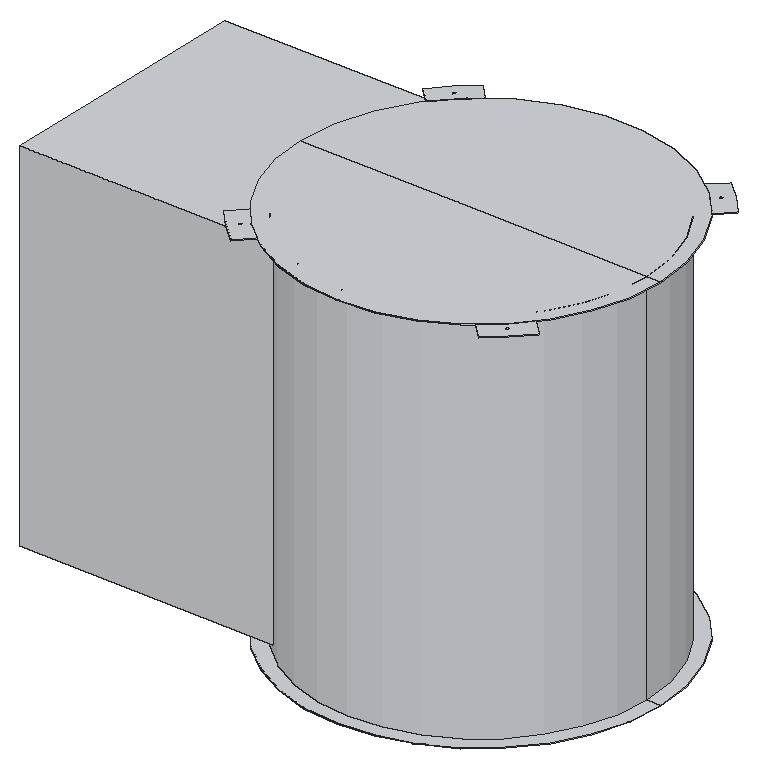
Revit family "VAHB_Downblast_Ceiling_Mount", category Mechanical Equipment, Revit 2019
Family settings
  Round Connector Dimension = Use Radius
  Part Type = Normal
  Work Plane-Based = No
  Always vertical = Yes
  Cut with Voids When Loaded = No
  Shared = No
  Room Calculation Point = No
Parameters (values of type "60_VAHB_DOWNBLAST_CEILING")
  Unit Weight [instance] = ""
  ModelID [instance] = ""
  L/2 = L / 2  # 2' - 0 7/32"
  J/2 = J / 2  # 2' - 10 1/4"
  J-A = J - A  # 0' - 8 1/2"
  J = 5' - 8 1/2"
  K/2 = K / 2  # 0' - 0 7/32"
  K = 0' - 0 7/16"
  L-(C/2) = L - (C / 2)  # 1' - 4 13/16"
  L = 4' - 0 7/16"
  H-(A/2) = H - (A / 2)  # 2' - 11"
  H+L = H + L  # 9' - 5 7/16"
  H = 5' - 5"
  Sones [instance] = ""
  Motor RPM [instance] = ""
  Motor Enclosure [instance] = ""
  LwA [instance] = ""
  G = 16' - 0"
  Fan RPM [instance] = ""
  F/2 = F / 2  # 0' - 0 9/32"
  F = 0' - 0 9/16"
  E/2 = E / 2  # 2' - 10 1/2"
  E-2" = E - 0' 2"  # 5' - 7"
  E-.125" = E - 0' 0 1/8"  # 5' - 8 7/8"
  E = 5' - 9"
  C/2+L = C / 2 + L  # 6' - 8 1/16"
  C/2 = C / 2  # 2' - 7 5/8"
  C = 5' - 3 1/4"
  B/2 = B / 2  # 2' - 8 23/32"
  B = 5' - 5 7/16"
  Accessories [instance] = ""
  A/3 = A / 2.5  # 2' - 0"
  A/2 = A / 2  # 2' - 6"
  A = 5' - 0"
  60 = 60.00°  # constant formula
  45 = 45.00°
  30 = 30.00°  # constant formula
  3" = 0' - 3"  # constant formula
  Brake Hp [instance] = ""
  4" = 0' - 4"  # constant formula
  2' = 2' - 0"
  2" = 0' - 2"  # constant formula
  1" = 0' - 1"  # constant formula
  0 = 0' - 0"  # constant formula
  Voltage [instance] = 0 V
  URL = "www.lorencook.com"
  Type Comments = "Fixed Pitch Vane Axial Downblast Ceiling Mount Belt Drive Arrangement 9"  # constant formula
  Static Pressure [instance] = 0.00 in-wg
  Power [instance] = Voltage * Motor FLA * sqrt(if(Phase = 3, 3, 1))  # 0 VA
  Phase [instance] = 0
  Number of Poles [instance] = 1
  Motor Hp [instance] = "0"
  Motor FLA [instance] = 0 A
  Model = "VAHB"  # constant formula
  Manufacturer = "Loren Cook Company"
  CFM [instance] = 0 CFM
  1.5 = 0' - 1 1/2"  # constant formula
  ONE EIGTH = 0' - 0 1/8"  # constant formula
  -E/2 = -E / 2  # -2' - 10 1/2"
  -(E-.25")/2 = -(E - 0' 0 1/4") / 2  # -2' - 10 3/8"
  (L/2)-1" = (L / 2) - 0' 1"  # 1' - 11 7/32"
  (J-A)/2 = (J - A) / 2  # 0' - 4 1/4"
  (J+(J-A))/2 = (J + (J / 2 - A / 2)) / 2  # 3' - 0 3/8"
  (H-(A/2))/2 = (H - (A / 2)) / 2  # 1' - 5 1/2"
  (E-.25")/2 = (E - 0' 0 1/4") / 2  # 2' - 10 3/8"
  (A+.25")/2 = (A + 0' 0 1/4") / 2  # 2' - 6 1/8"
Types (12): name | L/2 | J/2 | J-A | J | K/2 | K | L-(C/2) | L | H-(A/2) | H+L | H | G | F/2 | F | E/2 | E-2" | E-.125" | E | C/2+L | C/2 | C | B/2 | B | A/3 | A/2 | A | -E/2 | -(E-.25")/2 | (L/2)-1" | (J-A)/2 | (J+(J-A))/2 | (H-(A/2))/2 | (E-.25")/2 | (A+.25")/2
  (no name) | 2' - 0 7/32" | 2' - 10 1/4" | 0' - 8 1/2" | 5' - 8 1/2" | 0' - 0 7/32" | 0' - 0 7/16" | 1' - 4 13/16" | 4' - 0 7/16" | 2' - 11" | 9' - 5 7/16" | 5' - 5" | 16' - 0" | 0' - 0 9/32" | 0' - 0 9/16" | 2' - 10 1/2" | 5' - 7" | 5' - 8 7/8" | 5' - 9" | 6' - 8 1/16" | 2' - 7 5/8" | 5' - 3 1/4" | 2' - 8 23/32" | 5' - 5 7/16" | 2' - 0" | 2' - 6" | 5' - 0" | -2' - 10 1/2" | -2' - 10 3/8" | 1' - 11 7/32" | 0' - 4 1/4" | 3' - 0 3/8" | 1' - 5 1/2" | 2' - 10 3/8" | 2' - 6 1/8"
  12_VAHB_DOWNBLAST_CEILING | 0' - 6 3/32" | 0' - 8 5/8" | 0' - 5 1/4" | 1' - 5 1/4" | 0' - 0 3/16" | 0' - 0 3/8" | 0' - 5 1/2" | 1' - 0 3/16" | 1' - 3" | 2' - 9 3/16" | 1' - 9" | 6' - 0" | 0' - 0 5/32" | 0' - 0 5/16" | 0' - 10" | 1' - 6" | 1' - 7 7/8" | 1' - 8" | 1' - 6 7/8" | 0' - 6 11/16" | 1' - 1 3/8" | 0' - 7 3/8" | 1' - 2 3/4" | 0' - 4.8" | 0' - 6" | 1' - 0" | -0' - 10" | -0' - 9 7/8" | 0' - 5 3/32" | 0' - 2 5/8" | 0' - 9 15/16" | 0' - 7 1/2" | 0' - 9 7/8" | 0' - 6 1/8"
  14_VAHB_DOWNBLAST_CEILING | 0' - 6 13/16" | 0' - 9 5/8" | 0' - 5 1/4" | 1' - 7 1/4" | 0' - 0 3/16" | 0' - 0 3/8" | 0' - 5 7/8" | 1' - 1 5/8" | 1' - 5" | 3' - 1 5/8" | 2' - 0" | 6' - 0" | 0' - 0 5/32" | 0' - 0 5/16" | 0' - 11 1/2" | 1' - 9" | 1' - 10 7/8" | 1' - 11" | 1' - 9 3/8" | 0' - 7 3/4" | 1' - 3 1/2" | 0' - 8 3/8" | 1' - 4 3/4" | 0' - 5.6" | 0' - 7" | 1' - 2" | -0' - 11 1/2" | -0' - 11 3/8" | 0' - 5 13/16" | 0' - 2 5/8" | 0' - 10 15/16" | 0' - 8 1/2" | 0' - 11 3/8" | 0' - 7 1/8"
  18_VAHB_DOWNBLAST_CEILING | 0' - 8 7/32" | 0' - 11 5/8" | 0' - 5 1/4" | 1' - 11 1/4" | 0' - 0 3/16" | 0' - 0 3/8" | 0' - 6 9/16" | 1' - 4 7/16" | 1' - 6 1/4" | 3' - 7 11/16" | 2' - 3 1/4" | 12' - 0" | 0' - 0 7/32" | 0' - 0 7/16" | 1' - 2 1/2" | 2' - 3" | 2' - 4 7/8" | 2' - 5" | 2' - 2 5/16" | 0' - 9 7/8" | 1' - 7 3/4" | 0' - 10 5/8" | 1' - 9 1/4" | 0' - 7.2" | 0' - 9" | 1' - 6" | -1' - 2 1/2" | -1' - 2 3/8" | 0' - 7 7/32" | 0' - 2 5/8" | 1' - 0 15/16" | 0' - 9 1/8" | 1' - 2 3/8" | 0' - 9 1/8"
  21_VAHB_DOWNBLAST_CEILING | 0' - 9 9/32" | 1' - 1 1/8" | 0' - 5 1/4" | 2' - 2 1/4" | 0' - 0 3/16" | 0' - 0 3/8" | 0' - 7 3/16" | 1' - 6 9/16" | 1' - 9" | 4' - 2 1/16" | 2' - 7 1/2" | 12' - 0" | 0' - 0 7/32" | 0' - 0 7/16" | 1' - 3 1/2" | 2' - 5" | 2' - 6 7/8" | 2' - 7" | 2' - 5 15/16" | 0' - 11 3/8" | 1' - 10 3/4" | 1' - 0 1/8" | 2' - 0 1/4" | 0' - 8.4" | 0' - 10 1/2" | 1' - 9" | -1' - 3 1/2" | -1' - 3 3/8" | 0' - 8 9/32" | 0' - 2 5/8" | 1' - 2 7/16" | 0' - 10 1/2" | 1' - 3 3/8" | 0' - 10 5/8"
  26_VAHB_DOWNBLAST_CEILING | 0' - 11 3/32" | 1' - 3 11/16" | 0' - 5 3/8" | 2' - 7 3/8" | 0' - 0 3/16" | 0' - 0 3/8" | 0' - 8 3/16" | 1' - 10 3/16" | 1' - 9 1/2" | 4' - 8 11/16" | 2' - 10 1/2" | 12' - 0" | 0' - 0 7/32" | 0' - 0 7/16" | 1' - 4" | 2' - 6" | 2' - 7 7/8" | 2' - 8" | 3' - 0 3/16" | 1' - 2" | 2' - 4" | 1' - 3 5/32" | 2' - 6 5/16" | 0' - 10.4" | 1' - 1" | 2' - 2" | -1' - 4" | -1' - 3 7/8" | 0' - 10 3/32" | 0' - 2 11/16" | 1' - 5 1/32" | 0' - 10 3/4" | 1' - 3 7/8" | 1' - 1 1/8"
  29_VAHB_DOWNBLAST_CEILING | 1' - 0 1/2" | 1' - 5 11/16" | 0' - 6 3/8" | 2' - 11 3/8" | 0' - 0 7/32" | 0' - 0 7/16" | 0' - 9 1/2" | 2' - 1" | 2' - 2" | 5' - 5 1/2" | 3' - 4 1/2" | 12' - 0" | 0' - 0 7/32" | 0' - 0 7/16" | 1' - 6" | 2' - 10" | 2' - 11 7/8" | 3' - 0" | 3' - 4 1/2" | 1' - 3 1/2" | 2' - 7" | 1' - 4 21/32" | 2' - 9 5/16" | 0' - 11.6" | 1' - 2 1/2" | 2' - 5" | -1' - 6" | -1' - 5 7/8" | 0' - 11 1/2" | 0' - 3 3/16" | 1' - 7 9/32" | 1' - 1" | 1' - 5 7/8" | 1' - 2 5/8"
  36_VAHB_DOWNBLAST_CEILING | 1' - 3 11/32" | 1' - 9 11/16" | 0' - 7 3/8" | 3' - 7 3/8" | 0' - 0 7/32" | 0' - 0 7/16" | 0' - 11 11/16" | 2' - 6 11/16" | 2' - 3 1/2" | 6' - 4 3/16" | 3' - 9 1/2" | 16' - 0" | 0' - 0 9/32" | 0' - 0 9/16" | 1' - 9" | 3' - 4" | 3' - 5 7/8" | 3' - 6" | 4' - 1 11/16" | 1' - 7" | 3' - 2" | 1' - 8 5/32" | 3' - 4 5/16" | 1' - 2.4" | 1' - 6" | 3' - 0" | -1' - 9" | -1' - 8 7/8" | 1' - 2 11/32" | 0' - 3 11/16" | 1' - 11 17/32" | 1' - 1 3/4" | 1' - 8 7/8" | 1' - 6 1/8"
  42_VAHB_DOWNBLAST_CEILING | 1' - 5 3/32" | 2' - 0 3/16" | 0' - 6 3/8" | 4' - 0 3/8" | 0' - 0 7/32" | 0' - 0 7/16" | 1' - 0" | 2' - 10 3/16" | 2' - 5 1/2" | 7' - 0 11/16" | 4' - 2 1/2" | 16' - 0" | 0' - 0 9/32" | 0' - 0 9/16" | 2' - 1" | 4' - 0" | 4' - 1 7/8" | 4' - 2" | 4' - 8 3/8" | 1' - 10 3/16" | 3' - 8 3/8" | 1' - 10 21/32" | 3' - 9 5/16" | 1' - 4.8" | 1' - 9" | 3' - 6" | -2' - 1" | -2' - 0 7/8" | 1' - 4 3/32" | 0' - 3 3/16" | 2' - 1 25/32" | 1' - 2 3/4" | 2' - 0 7/8" | 1' - 9 1/8"
  48_VAHB_DOWNBLAST_CEILING | 1' - 7 15/16" | 2' - 4 3/16" | 0' - 8 3/8" | 4' - 8 3/8" | 0' - 0 7/32" | 0' - 0 7/16" | 1' - 2 5/8" | 3' - 3 7/8" | 2' - 6" | 7' - 9 7/8" | 4' - 6" | 16' - 0" | 0' - 0 9/32" | 0' - 0 9/16" | 2' - 4" | 4' - 6" | 4' - 7 7/8" | 4' - 8" | 5' - 5 1/8" | 2' - 1 1/4" | 4' - 2 1/2" | 2' - 2 19/32" | 4' - 5 3/16" | 1' - 7.2" | 2' - 0" | 4' - 0" | -2' - 4" | -2' - 3 7/8" | 1' - 6 15/16" | 0' - 4 3/16" | 2' - 6 9/32" | 1' - 3" | 2' - 3 7/8" | 2' - 0 1/8"
  54_VAHB_DOWNBLAST_CEILING | 1' - 10 3/32" | 2' - 7 1/4" | 0' - 8 1/2" | 5' - 2 1/2" | 0' - 0 7/32" | 0' - 0 7/16" | 1' - 3 15/16" | 3' - 8 3/16" | 2' - 8 1/2" | 8' - 7 11/16" | 4' - 11 1/2" | 16' - 0" | 0' - 0 9/32" | 0' - 0 9/16" | 2' - 7" | 5' - 0" | 5' - 1 7/8" | 5' - 2" | 6' - 0 7/16" | 2' - 4 1/4" | 4' - 8 1/2" | 2' - 5 23/32" | 4' - 11 7/16" | 1' - 9.6" | 2' - 3" | 4' - 6" | -2' - 7" | -2' - 6 7/8" | 1' - 9 3/32" | 0' - 4 1/4" | 2' - 9 3/8" | 1' - 4 1/4" | 2' - 6 7/8" | 2' - 3 1/8"
  60_VAHB_DOWNBLAST_CEILING | 2' - 0 7/32" | 2' - 10 1/4" | 0' - 8 1/2" | 5' - 8 1/2" | 0' - 0 7/32" | 0' - 0 7/16" | 1' - 4 13/16" | 4' - 0 7/16" | 2' - 11" | 9' - 5 7/16" | 5' - 5" | 16' - 0" | 0' - 0 9/32" | 0' - 0 9/16" | 2' - 10 1/2" | 5' - 7" | 5' - 8 7/8" | 5' - 9" | 6' - 8 1/16" | 2' - 7 5/8" | 5' - 3 1/4" | 2' - 8 23/32" | 5' - 5 7/16" | 2' - 0" | 2' - 6" | 5' - 0" | -2' - 10 1/2" | -2' - 10 3/8" | 1' - 11 7/32" | 0' - 4 1/4" | 3' - 0 3/8" | 1' - 5 1/2" | 2' - 10 3/8" | 2' - 6 1/8"
Reference planes (in)
  plane 1 "Center (Front/Back)": y = 0
  plane 2: z = 0
  plane 3 "Center (Left/Right)": x = 0.40541
Forms (in)
  Revolve 1, solid
    sketch origin (0, 0, 0) x (1, 0, 0) y (0, 0, 1)
      loop
        line (0.40541, 0) -> (33.12416, 0) -> (33.12416, 0.125) -> (30.53041, 0.125) -> (30.53041, 68.875) -> (33.12416, 68.875) -> (33.12416, 69) -> (0.40541, 69) -> (0.40541, 0)
      axis (0.40541, 69) -> (0.40541, 0)
    angle from 0 to 360
  Extrusion 2, solid
    sketch origin (0, 0, 0) x (1, 0, 0) y (0, 1, 0)
      loop
        line (-18.78847, 23.21875) -> (-64.59459, 23.21875) -> (-64.59459, -23.21875) -> (-18.78847, -23.21875)
        arc (-18.78847, -23.21875) -> (-29.71959, 0) -> (-18.78847, 23.21875) r 30.125
    from 2 to 67 <- "E-2""
  Extrusion 3, solid
    sketch origin (0, 0, 0) x (1, 0, 0) y (0, 1, 0)
      loop
        line (-19.52902, 25.94484) -> (-22.13423, 28.55005)
        arc (-22.13423, 28.55005) -> (-25.3156, 25.72101) -> (-28.14464, 22.53964) r 36.375
        line (-28.14464, 22.53964) -> (-25.53943, 19.93444)
        arc (-25.53943, 19.93444) -> (-22.73024, 23.13565) -> (-19.52902, 25.94484) r 32.71875
      loop
        arc (20.33985, 25.94484) -> (23.54106, 23.13565) -> (26.35026, 19.93444) r 32.71875
        line (26.35026, 19.93444) -> (28.95546, 22.53964)
        arc (28.95546, 22.53964) -> (26.12642, 25.72101) -> (22.94505, 28.55005) r 36.375
        line (22.94505, 28.55005) -> (20.33985, 25.94484)
      loop
        line (20.33985, -25.94484) -> (22.94505, -28.55005)
        arc (22.94505, -28.55005) -> (26.12642, -25.72101) -> (28.95546, -22.53964) r 36.375
        line (28.95546, -22.53964) -> (26.35026, -19.93444)
        arc (26.35026, -19.93444) -> (23.54106, -23.13565) -> (20.33985, -25.94484) r 32.71875
      loop
        arc (-19.52902, -25.94484) -> (-22.73024, -23.13565) -> (-25.53943, -19.93444) r 32.71875
        line (-25.53943, -19.93444) -> (-28.14464, -22.53964)
        arc (-28.14464, -22.53964) -> (-25.3156, -25.72101) -> (-22.13423, -28.55005) r 36.375
        line (-22.13423, -28.55005) -> (-19.52902, -25.94484)
    from 68.875 <- "E-.125"" to 69 <- "E"
  Extrusion 4, void
    sketch origin (0, 0, 0) x (1, 0, 0) y (0, 1, 0)
      loop
        circle (24.62416, 24.21875) r 0.21875
      loop
        circle (-23.81334, 24.21875) r 0.21875
      loop
        circle (-23.81334, -24.21875) r 0.21875
      loop
        circle (24.62416, -24.21875) r 0.21875
    from 0 to 69 <- "E"
Cuts and joins
  Extrusion 4 cuts Revolve 1
  Extrusion 4 cuts Extrusion 2
  Extrusion 4 cuts Extrusion 3
Dimensions and locks (in)
  "0": Revolve 1 sketch curve to plane 3 "Center (Left/Right)"  (x2)
  "E": Revolve 1 sketch curve to Revolve 1 sketch curve
  "0": Revolve 1 sketch curve to level
  "ONE EIGTH": Revolve 1 sketch curve to Revolve 1 sketch curve  (x2)
  "(A+.25")/2": Revolve 1 sketch curve to Revolve 1 sketch curve
  "B/2": Revolve 1 sketch curve to Revolve 1 sketch curve  (x2)
  "(L/2)-1"": plane 1 "Center (Front/Back)" to Extrusion 2 sketch curve
  "(L/2)-1"": Extrusion 2 sketch curve to plane 1 "Center (Front/Back)"
  "H": Extrusion 2 sketch curve to plane 3 "Center (Left/Right)"
  "0": Extrusion 2 sketch curve to plane 3 "Center (Left/Right)"
  "0": Extrusion 2 sketch curve to plane 1 "Center (Front/Back)"
  "(J-A)/2": plane 3 "Center (Left/Right)" to Extrusion 3 sketch curve  (x4)
  "(J-A)/2": Extrusion 3 sketch curve to plane 3 "Center (Left/Right)"  (x3)
  "0": Extrusion 3 sketch curve to plane 3 "Center (Left/Right)"  (x6)
  "0": Extrusion 3 sketch curve to plane 1 "Center (Front/Back)"  (x7)
  "0": plane 1 "Center (Front/Back)" to Extrusion 3 sketch curve
  "0": plane 3 "Center (Left/Right)" to Extrusion 3 sketch curve  (x2)
  "J-A": Extrusion 3 sketch curve to Extrusion 3 sketch curve
  "L/2": plane 3 "Center (Left/Right)" to Extrusion 4 sketch curve  (x4)
  "L/2": plane 1 "Center (Front/Back)" to Extrusion 4 sketch curve  (x4)
  "(A+.25")/2": radius of Extrusion 2 sketch curve
  "B/2": radius of Extrusion 3 sketch curve  (x4)
  "(J+(J-A))/2": radius of Extrusion 3 sketch curve  (x4)
  "K/2": radius of Extrusion 4 sketch curve  (x4)
  "45": angle plane 3 "Center (Left/Right)" to Extrusion 3 sketch curve  (x2)
  "45": angle Extrusion 3 sketch curve to plane 1 "Center (Front/Back)"  (x2)
  "45": angle Extrusion 3 sketch curve to plane 3 "Center (Left/Right)"  (x2)
  "45": angle plane 1 "Center (Front/Back)" to Extrusion 3 sketch curve  (x2)
Automatic sketch dimensions
  Revolve 1 sketch curve to level = 0' - 0"
  Revolve 1 sketch curve to Revolve 1 sketch curve = 1' - 0"
  Extrusion 2 sketch curve to Extrusion 2 sketch curve = 0' - 0"
Connectors (in)
  electrical at (-41.69153, -23.21875, 34.5)
    settings: on cut or joined group of Extrusion 2, Extrusion 4, index 1, voltage 0 V, apparent load 0 VA, apparent load phase1 0 VA, apparent load phase2 0 VA, apparent load phase3 0 VA, power factor 1, load classification "Other", number of poles 1, system type 14, power factor state 1, is connector primary yes, connector utility no, sub classification motor no, connector description ""
  hvac at (0.40541, 0, 69), driven by "A/2"
    settings: on cut or joined group of Revolve 1, Extrusion 4, index 2, duct flow 0 CFM, flow factor 0, pres drop 0.00 in-wg, loss coef 0, conn angle 0.00°, conn width 12", conn height 12", conn diameter 60", duct sys type 29, conn prof type 0, flow config 0, flow direction 1, loss method 0, conn ref index -1, conn util no, is conn primary yes, conn desc ""
  hvac at (0.40541, 0, 0.125), driven by "A/2"
    settings: on cut or joined group of Revolve 1, Extrusion 4, index 3, duct flow 0 CFM, flow factor 0, pres drop 0.00 in-wg, loss coef 0, conn angle 0.00°, conn width 12", conn height 12", conn diameter 60", duct sys type 29, conn prof type 0, flow config 0, flow direction 2, loss method 0, conn ref index -1, conn util no, is conn primary no, conn desc ""
